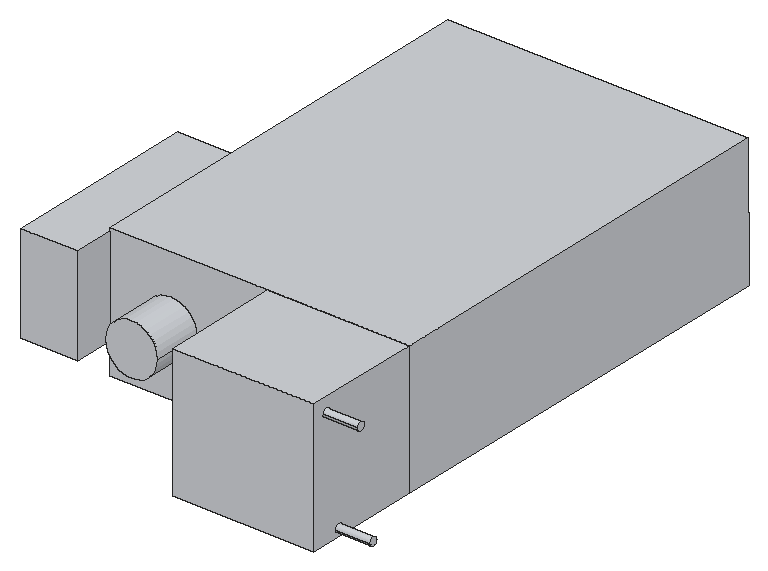
Revit family "QPTW_2-Row_On_Induction_Port", category Mechanical Equipment, Revit 2016
Family settings
  Part Type = Normal
  Round Connector Dimension = Use Radius
  Work Plane-Based = No
  Always vertical = Yes
  Cut with Voids When Loaded = No
  Shared = No
  Room Calculation Point = No
Parameters (values of type "11706 QPTW 1/6-hp - 06" (IP)")
  Induction Height "D" = 15"
  HWC Depth 2-Row "Z" = 13 1/2"
  HWC Conn Top = [Discharge Height "Y"] - 15/16"  # 10 1/16"
  HWC Conn "E" = 1 37/64"
  HWC Conn "D" = 15/16"
  HWC Conn "C" = 1 39/64"
  HWC Conn "B" = 3 3/8"
  HWC Conn = 7/8"
  Discharge Height "Y" = 11"
  Discharge Width "X" = 11 1/2"
  Width = 34"
  URL = "http://www.anemostat.com"
  Radius = Diameter / 2  # 2 15/16"
  Model = "QPTW"
  Manufacturer = "Anemostat"
  Length = 30"
  Induction Width "C" = 16"
  Height = 15"
  Duct Inlet Radius = Radius + 1/32"  # 2 31/32"
  Discharge "Z" = 3"
  Diameter = 5 7/8"
  Description = "Series Fan Powered Air Terminal with Hot Water Coil"
Types (27): name | Induction Height "D" | HWC Conn Top | HWC Conn "C" | HWC Conn "B" | HWC Conn | Discharge Height "Y" | Discharge Width "X" | Width | Radius | Length | Induction Width "C" | Height | Duct Inlet Radius | Discharge "Z" | Diameter
  (no name) | 15" | 10 1/16" | 1 39/64" | 3 3/8" | 7/8" | 11" | 11 1/2" | 34" | 2 15/16" | 30" | 16" | 15" | 2 31/32" | 3" | 5 7/8"
  11706 QPTW 1/6-hp - 06" (IP) | 15" | 10 1/16" | 1 39/64" | 3 3/8" | 7/8" | 11" | 11 1/2" | 34" | 2 15/16" | 30" | 16" | 15" | 2 31/32" | 3" | 5 7/8"
  11707 QPTW 1/6-hp - 07" (IP) | 15" | 10 1/16" | 1 39/64" | 3 3/8" | 1" | 11" | 11 1/2" | 34" | 3 7/16" | 30" | 16" | 15" | 3 15/32" | 3" | 6 7/8"
  11708 QPTW 1/6-hp - 08" (IP) | 15" | 10 1/16" | 1 39/64" | 3 3/8" | 1" | 11" | 11 1/2" | 34" | 3 15/16" | 30" | 16" | 15" | 3 31/32" | 3" | 7 7/8"
  12508 QPTW 1/4-hp - 08" (IP) | 15" | 10 1/16" | 1 5/8" | 3 25/64" | 1" | 11" | 11 1/2" | 34" | 3 15/16" | 30" | 16" | 15" | 3 31/32" | 3" | 7 7/8"
  12509 QPTW 1/4-hp - 09" (IP) | 15" | 10 1/16" | 1 5/8" | 3 25/64" | 1" | 11" | 11 1/2" | 34" | 4 7/16" | 30" | 16" | 15" | 4 15/32" | 3" | 8 7/8"
  11709 QPTW 1/6-hp - 09" (IP) | 15" | 10 1/16" | 1 39/64" | 3 3/8" | 1" | 11" | 11 1/2" | 34" | 4 7/16" | 30" | 16" | 15" | 4 15/32" | 3" | 8 7/8"
  12506 QPTW 1/4-hp - 06" (IP) | 15" | 10 1/16" | 1 5/8" | 3 25/64" | 1" | 11" | 11 1/2" | 34" | 2 15/16" | 30" | 16" | 15" | 2 31/32" | 3" | 5 7/8"
  12507 QPTW 1/4-hp - 07" (IP) | 15" | 10 1/16" | 1 5/8" | 3 25/64" | 1" | 11" | 11 1/2" | 34" | 3 7/16" | 30" | 16" | 15" | 3 15/32" | 3" | 6 7/8"
  21709 QPTW 1/6-hp - 09" (IP) | 17 1/2" | 11 1/16" | 1 39/64" | 3 3/8" | 1" | 12" | 14" | 40" | 4 7/16" | 34" | 20" | 18" | 4 15/32" | 3" | 8 7/8"
  21710 QPTW 1/6-hp - 10" (IP) | 17 1/2" | 11 1/16" | 1 39/64" | 3 3/8" | 1" | 12" | 14" | 40" | 4 15/16" | 34" | 20" | 18" | 4 31/32" | 3" | 9 7/8"
  21712 QPTW 1/6-hp - 12" (IP) | 17 1/2" | 11 1/16" | 1 39/64" | 3 3/8" | 1" | 12" | 14" | 40" | 5 15/16" | 34" | 20" | 18" | 5 31/32" | 3" | 11 7/8"
  22509 QPTW 1/4-hp - 09" (IP) | 17 1/2" | 11 1/16" | 1 39/64" | 3 3/8" | 1" | 12" | 14" | 40" | 4 7/16" | 34" | 20" | 18" | 4 15/32" | 3" | 8 7/8"
  22510 QPTW 1/4-hp - 10" (IP) | 17 1/2" | 11 1/16" | 1 39/64" | 3 3/8" | 1" | 12" | 14" | 40" | 4 15/16" | 34" | 20" | 18" | 4 31/32" | 3" | 9 7/8"
  22512 QPTW 1/4-hp - 12" (IP) | 17 1/2" | 11 1/16" | 1 39/64" | 3 3/8" | 1" | 12" | 14" | 40" | 5 15/16" | 34" | 20" | 18" | 5 31/32" | 3" | 11 7/8"
  25009 QPTW 1/2-hp - 09" (IP) | 17 1/2" | 11 1/16" | 1 39/64" | 3 3/8" | 1" | 12" | 14" | 40" | 4 7/16" | 34" | 20" | 18" | 4 15/32" | 3" | 8 7/8"
  25010 QPTW 1/2-hp - 10" (IP) | 17 1/2" | 11 1/16" | 1 39/64" | 3 3/8" | 1" | 12" | 14" | 40" | 4 15/16" | 34" | 20" | 18" | 4 31/32" | 3" | 9 7/8"
  25012 QPTW 1/2-hp - 12" (IP) | 17 1/2" | 11 1/16" | 1 39/64" | 3 3/8" | 1" | 12" | 14" | 40" | 5 15/16" | 34" | 20" | 18" | 5 31/32" | 3" | 11 7/8"
  35012 QPTW 1/2-hp - 12" (IP) | 17 1/2" | 15 1/16" | 1 39/64" | 3 3/8" | 1" | 16" | 19" | 46" | 5 15/16" | 40" | 24" | 20" | 5 31/32" | 2 1/4" | 11 7/8"
  35014 QPTW 1/2-hp - 14" (IP) | 17 1/2" | 15 1/16" | 1 39/64" | 3 3/8" | 1" | 16" | 19" | 46" | 6 15/16" | 40" | 24" | 20" | 6 31/32" | 2 1/4" | 13 7/8"
  35016 QPTW 1/2-hp - 16" (IP) | 17 1/2" | 15 1/16" | 1 39/64" | 3 3/8" | 1" | 16" | 19" | 46" | 7 15/16" | 40" | 24" | 20" | 7 31/32" | 2 1/4" | 15 7/8"
  37512 QPTW 3/4-hp - 12" (IP) | 17 1/2" | 15 1/16" | 1 39/64" | 3 3/8" | 1" | 16" | 19" | 46" | 5 15/16" | 40" | 24" | 20" | 5 31/32" | 2 1/4" | 11 7/8"
  37514 QPTW 3/4-hp - 14" (IP) | 17 1/2" | 15 1/16" | 1 39/64" | 3 3/8" | 1" | 16" | 19" | 46" | 6 15/16" | 40" | 24" | 20" | 6 31/32" | 2 1/4" | 13 7/8"
  37516 QPTW 3/4-hp - 16" (IP) | 17 1/2" | 15 1/16" | 1 39/64" | 3 3/8" | 1" | 16" | 19" | 46" | 7 15/16" | 40" | 24" | 20" | 7 31/32" | 2 1/4" | 15 7/8"
  31012 QPTW 1-hp - 12" (IP) | 17 1/2" | 15 1/16" | 1 39/64" | 3 3/8" | 1" | 16" | 19" | 46" | 5 15/16" | 40" | 24" | 20" | 5 31/32" | 2 1/4" | 11 7/8"
  31014 QPTW 1-hp - 14" (IP) | 17 1/2" | 15 1/16" | 1 39/64" | 3 3/8" | 1" | 16" | 19" | 46" | 6 15/16" | 40" | 24" | 20" | 6 31/32" | 2 1/4" | 13 7/8"
  31016 QPTW 1-hp - 16" (IP) | 17 1/2" | 15 1/16" | 1 39/64" | 3 3/8" | 1" | 16" | 19" | 46" | 7 15/16" | 40" | 24" | 20" | 7 31/32" | 2 1/4" | 15 7/8"
Reference planes (in)
  plane 1 "Center (Front/Back)": y = 0
  plane 2: z = 0
  plane 3 "Center (Left/Right)": x = 0
  plane 4 "Right Face": x = 17
  plane 5 "Left Face": x = -17
  plane 6 "Horiz. Centerline": z = 7.5
  plane 7 "Top of Box": z = 15
  plane 8 "Inlet Left Edge": x = -13
  plane 9: y = -5.5
  plane 10: x = -10.0625
  plane 11: z = 3.5
  plane 12: z = 14.625
  plane 13: y = -4.5
  plane 14: y = 17.75
  plane 15: z = 3.4375
  plane 16: x = 1
  plane 17: z = 0
  plane 18: y = -13.5
  plane 19: y = -11.89062
  plane 20: z = 13.42188
  plane 21: y = -10.125
  plane 22: z = 0.9375
  plane 23: x = -14
  plane 24: z = 1.25
  plane 25 "Back of Box": y = 48
  plane 26: z = 12.25
  plane 27: x = -2.5
Forms (in)
  Extrusion 1, solid
    sketch origin (0, 0, 0) x (1, 0, 0) y (0, 0, 1)
      loop
        line (-17, 15) -> (-17, 0) -> (17, 0) -> (17, 15) -> (-17, 15)
    from 0 to -48
  Extrusion 2, solid
    sketch origin (0, 0, 0) x (1, 0, 0) y (0, 0, 1)
      loop
        circle (-10.0625, 7.5) r 2.9375
    from 0 to 5.5
  Extrusion 3, solid
    sketch origin (-17, 0, 0) x (0, -1, 0) y (0, 0, 1)
      loop
        line (4.5, 3.5) -> (4.5, 14.625) -> (-17.75, 14.625) -> (-17.75, 3.5) -> (4.5, 3.5)
    from 0 to 6.5
  Extrusion 4, solid
    sketch origin (0, 0, 0) x (1, 0, 0) y (0, 0, 1)
      loop
        line (17, 15) -> (1, 15) -> (1, 0) -> (17, 0) -> (17, 15)
    from 0 to 13.5 <- "HWC Depth 2-Row "Z""
  Extrusion 5, solid
    sketch origin (17, 0, 0) x (0, 1, 0) y (0, 0, 1)
      loop
        circle (-11.89063, 13.42188) r 0.4375
    from 0 to 4
  Extrusion 6, solid
    sketch origin (17, 0, 0) x (0, 1, 0) y (0, 0, 1)
      loop
        circle (-10.125, 0.9375) r 0.4375
    from 0 to 4
  Extrusion 7, solid
    sketch origin (0, 48, 0) x (0, 0, 1) y (-1, 0, 0)
      loop
        line (1.25, 14) -> (1.25, 2.5) -> (12.25, 2.5) -> (12.25, 14) -> (1.25, 14)
    from 0 to -0.5
Dimensions and locks (in)
  "Width": plane 5 "Left Face" to plane 4 "Right Face"
  "Height": plane 7 "Top of Box" to level
  equal spacing: plane 7 "Top of Box", plane 6 "Horiz. Centerline", level
  equal spacing: plane 5 "Left Face", plane 3 "Center (Left/Right)", plane 4 "Right Face"
  locked: plane 5 "Left Face" to plane 8 "Inlet Left Edge" at 4
  "Radius": plane 10 to plane 8 "Inlet Left Edge"
  locked: plane 11 to plane 2 at 3.5
  locked: plane 12 to plane 11 at 11.125
  locked: plane 1 "Center (Front/Back)" to plane 13 at 4.5
  locked: plane 14 to plane 13 at 22.25
  "Induction Width "C"": plane 4 "Right Face" to plane 16
  "Induction Height "D"": plane 7 "Top of Box" to plane 17
  "HWC Depth 2-Row "Z"": plane 18 to plane 1 "Center (Front/Back)"
  "HWC Conn "C"": plane 18 to plane 19
  "HWC Conn "E"": plane 7 "Top of Box" to plane 20
  "HWC Conn "B"": plane 18 to plane 21
  "HWC Conn "D"": plane 22 to level
  "Discharge "Z"": plane 23 to plane 5 "Left Face"
  plane 22 to plane 15 = 2 1/2"
  locked: level to plane 24 at 1.25
  "Discharge Height "Y"": plane 24 to plane 26
  "Discharge Width "X"": plane 27 to plane 23
  "Radius": radius of Extrusion 2 sketch curve
  aligned and locked: plane 13 to Extrusion 3 sketch curve
  aligned and locked: plane 11 to Extrusion 3 sketch curve
  aligned and locked: plane 12 to Extrusion 3 sketch curve
  aligned and locked: plane 14 to Extrusion 3 sketch curve
  aligned and locked: Extrusion 4 sketch curve to Extrusion 1  (x2)
  aligned and locked: plane 25 "Back of Box" to Extrusion 1
  aligned and locked: plane 24 to Extrusion 7 sketch curve
  aligned and locked: Extrusion 7 sketch curve to plane 23
  aligned and locked: plane 26 to Extrusion 7 sketch curve
  aligned and locked: plane 27 to Extrusion 7 sketch curve
Automatic sketch dimensions
  Extrusion 1 sketch curve to level = 0"
  plane 5 "Left Face" to Extrusion 1 sketch curve = 0"
  Extrusion 1 sketch curve to plane 4 "Right Face" = 0"
  plane 7 "Top of Box" to Extrusion 1 sketch curve = 0"
  Extrusion 2 sketch curve to plane 6 "Horiz. Centerline" = 0"
  Extrusion 2 sketch curve to plane 10 = 0"
  Extrusion 4 sketch curve to plane 16 = 0"
  Extrusion 4 sketch curve to level = 0"
  Extrusion 5 sketch curve to plane 19 = 0"
  Extrusion 5 sketch curve to plane 20 = 0"
  Extrusion 6 sketch curve to plane 21 = 0"
  Extrusion 6 sketch curve to plane 22 = 0"
  radius of Extrusion 5 sketch curve = 7/16"
  radius of Extrusion 6 sketch curve = 7/16"
Connectors (in)
  hvac at (-10.0625, -5.5, 7.5), driven by "Duct Inlet Radius"
    settings: on Extrusion 2, index 1, duct flow 0 CFM, flow factor 0, pres drop 0.00 in-wg, loss coef 0, conn angle 0.00°, conn width 12", conn height 12", conn diameter 5 15/16", duct sys type 1, conn prof type 0, flow config 0, flow direction 0, loss method 0, conn ref index -1, conn util no, is conn primary yes, conn desc ""
  hvac at (-8.25, 48.5, 6.75), driven by "Discharge Height "Y"", driven by "Discharge Width "X""
    settings: on Extrusion 7, index 2, duct flow 0 CFM, flow factor 0, pres drop 0.00 in-wg, loss coef 0, conn angle 0.00°, conn width 11 1/2", conn height 11", conn diameter 24", duct sys type 1, conn prof type 1, flow config 0, flow direction 0, loss method 0, conn ref index -1, conn util no, is conn primary no, conn desc ""
